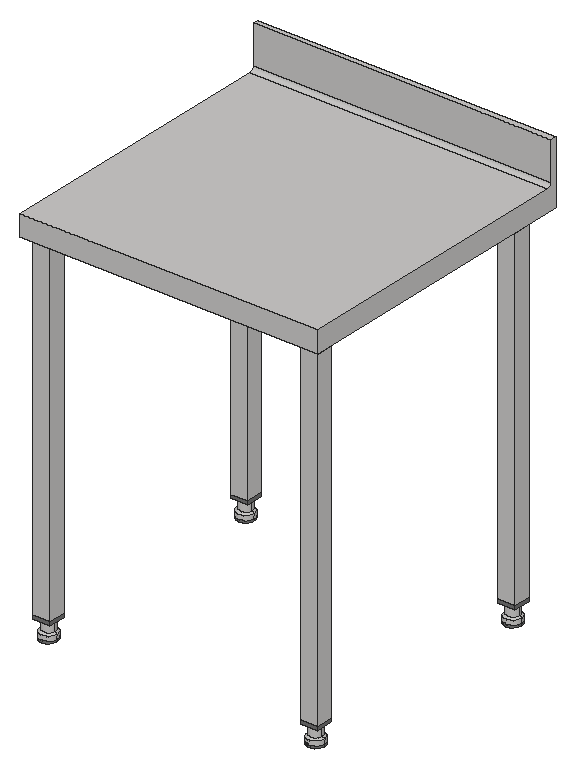
Revit family "QF_ELECTROLUXPROFESSIONAL_133229_TG700MHBN", category Attrezzature speciali, Revit 2020
Family settings
  Quota connettore circolare = Usa diametro
  Tipo di parte = Normale
  Basato su piano di lavoro = No
  Sempre verticale = Sì
  Taglio con vuoti quando caricato = No
  Condiviso = No
  Punto di calcolo locali = No
Parameters (values of type "Standard")
  Weight = 26.00 kg
  Watts = 0 W
  Volts = 0 V
  URL Manufacturer = "https://www.electroluxprofessional.com/"
  URL = "https://www.electroluxprofessional.com/"
  Steam Supply Size = 0 mm
  Steam Supply Minimum Pressure = 0.0 Pa
  Steam Supply Maximum Pressure = 0.0 Pa
  Steam Consumption per Hour = 0
  Refrigeration Suction Line Size = 0.0 mm
  Refrigeration Liquid Line Size = 0.0 mm
  Refrigerant Compressor Remote = yes
  Prospetto di default = 0.0 mm
  Produttore = "Electrolux Professional"
  Phase = 0
  Modello = "TG700MHBN"
  Length Actual = 700.0 mm  # constant formula
  Item Number = "133229"
  Hot Water Size = 0 mm
  Height Actual = 1000.0 mm  # constant formula
  HP = "0 HP"
  Gas Size = 0 mm
  Gas KW = 0
  Gas Input Pressure = 0 W
  Direct Waste Size = 0 mm
  Descrizione = "WORK TABLE WITH UPSTAND 700 MM"
  Depth Actual = 700.0 mm  # constant formula
  Cycle = 0 Hz
  Condensate Return Size = 0 mm
  Compressed Air Volume = 0.0 L/s
  Compressed Air Size = 0 mm
  Compressed Air Pressure = 0.0 Pa
  Cold Water Size = 0 mm
  Accessory = yes
Reference planes
  plane 1 "Center (Front/Back)": y = 0
  plane 2: z = 0
  plane 3 "Center (Left/Right)": x = 150
  plane 4 "LEFT": x = -200
  plane 5 "RIGHT": x = 500
  plane 6 "BACK": y = 350
  plane 7 "FRONT": y = -350
  plane 8 "Base": z = 850
  plane 9 "TOP": z = 900
  plane 10: x = -164.5
  plane 11: x = 464.5
  plane 12: y = 269.5
  plane 13: y = -310.5
Forms (mm)
  Extrusion 1, solid, material "QF_Finishes_Stainless Steel"
    sketch origin (150, 0, 0) x (0, 1, 0) y (0, 0, 1)
      loop
        line (-350, 850) -> (350, 850) -> (350, 1000) -> (337, 1000) -> (337, 910)
        arc (337, 910) -> (334.071, 902.929) -> (327, 900) r 10
        line (327, 900) -> (-350, 900) -> (-350, 850)
    from 350 to -350
Lines and regions (mm)
  symbolic lines
    curve 1: line (500, 350, 900) -> (-200, 350, 900)
    curve 2: line (-200, 350, 900) -> (-200, -350, 900)
    curve 3: line (-200, -350, 900) -> (500, -350, 900)
    curve 4: line (500, -350, 900) -> (500, 350, 900)
    curve 5: line (500, 337, 900) -> (-200, 337, 900)
Dimensions and locks
  plane 4 "LEFT" to plane 5 "RIGHT" = 700.0 mm
  equal spacing: plane 4 "LEFT", plane 3 "Center (Left/Right)", plane 5 "RIGHT"
  locked: plane 8 "Base" to level at 850
  plane 4 "LEFT" to plane 10 = 35.5 mm
  plane 11 to plane 5 "RIGHT" = 35.5 mm
  plane 10 to plane 11 = 629.0 mm
  locked: Extrusion 1 to level at 1000
  plane 9 "TOP" to level = 900.0 mm
  plane 6 "BACK" to plane 12 = 80.5 mm
  plane 13 to plane 7 "FRONT" = 39.5 mm
  plane 6 "BACK" to plane 7 "FRONT" = 700.0 mm
  plane 12 to plane 13 = 580.0 mm
  equal spacing: plane 6 "BACK", plane 1 "Center (Front/Back)", plane 7 "FRONT"
  aligned and locked: level to plane 2
  aligned and locked: plane 10 to nested 1
  aligned and locked: nested 1 to plane 13
  aligned and locked: plane 11 to nested 2
  aligned and locked: nested 2 to plane 13
  aligned and locked: plane 11 to nested 4
  aligned and locked: nested 4 to plane 12
  aligned and locked: plane 10 to nested 3
  aligned and locked: nested 3 to plane 12
  aligned and locked: Extrusion 1 to plane 4 "LEFT"
  aligned and locked: plane 5 "RIGHT" to Extrusion 1
  aligned and locked: curve 2 to plane 4 "LEFT"
Automatic sketch dimensions
  Extrusion 1 sketch curve to plane 7 "FRONT" = 0.0 mm
  Extrusion 1 sketch curve to plane 9 "TOP" = 0.0 mm
  Extrusion 1 sketch curve to plane 6 "BACK" = 0.0 mm
  Extrusion 1 sketch curve to plane 8 "Base" = 0.0 mm
  plane 9 "TOP" to Extrusion 1 sketch curve = 10.0 mm
  Extrusion 1 sketch curve to plane 6 "BACK" = 13.0 mm
  Extrusion 1 sketch curve to Extrusion 1 sketch curve = 90.0 mm
  curve 3 to plane 7 "FRONT" = 0.0 mm
  curve 5 to plane 5 "RIGHT" = 0.0 mm
  curve 4 to plane 6 "BACK" = 0.0 mm
  curve 5 to plane 6 "BACK" = 13.0 mm
Nested families
  nested 1: "FEET_40x40_APP42" at (-164.5, -310.5, 0), type "FEET_40x40_APP42"
  nested 2: "FEET_40x40_APP42" at (464.5, -310.5, 0), type "FEET_40x40_APP42"
  nested 3: "FEET_40x40_APP42" at (-164.5, 269.5, 0), type "FEET_40x40_APP42"
  nested 4: "FEET_40x40_APP42" at (464.5, 269.5, 0), type "FEET_40x40_APP42"
Definition of nested family "FEET_40x40_APP42"
  Parameters
    Default Elevation = 0.0 mm
    FEET = 850.0 mm
  Reference planes
    plane 1 "Center (Front/Back)": y = 0
    plane 2: z = 0
    plane 3 "Center (Left/Right)": x = 0
    plane 4: z = 850
  Forms (mm)
    Extrusion 1, solid
      sketch origin (0, 0, 0) x (1, 0, 0) y (0, 1, 0)
        loop
          line (-20, -20) -> (20, -20) -> (20, 20) -> (-20, 20) -> (-20, -20)
      from 50 to 845
    Extrusion 2, solid
      sketch origin (0, 0, 0) x (1, 0, 0) y (0, 1, 0)
        loop
          circle (0, 0) r 20
      from 0 to 5
    Extrusion 3, solid
      sketch origin (0, 0, 0) x (1, 0, 0) y (0, 1, 0)
        loop
          line (30, 30) -> (-30, 30) -> (-30, -30) -> (30, -30) -> (30, 30)
      from 845 to 850
    Extrusion 4, solid
      sketch origin (0, 0, 0) x (1, 0, 0) y (0, 1, 0)
        loop
          line (-20, -20) -> (20, -20) -> (20, 20) -> (-20, 20) -> (-20, -20)
      from 50 to 42
    Revolve 5, solid
      sketch origin (0, 0, 0) x (1, 0, 0) y (0, 0, 1)
        loop
          line (0, 42) -> (-15, 42) -> (-15, 20) -> (-20, 15) -> (-20, 5) -> (0, 5) -> (0, 42)
        axis (0, 42) -> (0, 5)
      angle from 0 to 360
  Lines and regions (mm)
    symbolic lines
      curve 1: line (0, -1.503, 0) -> (0, 1.508, 0)
      curve 2: line (1.561, 0, 0) -> (-1.439, 0, 0)
  Dimensions and locks
    "FEET": plane 4 to plane 2
    aligned and locked: level to plane 2
  Automatic sketch dimensions
    plane 1 "Center (Front/Back)" to curve 2 = 0.0 mm
    curve 1 to plane 3 "Center (Left/Right)" = 0.0 mm
    curve 2 to plane 3 "Center (Left/Right)" = 1.439 mm
    plane 3 "Center (Left/Right)" to curve 2 = 1.561 mm
    plane 1 "Center (Front/Back)" to curve 1 = 1.503 mm
    curve 1 to plane 1 "Center (Front/Back)" = 1.508 mm
    Extrusion 1 sketch curve to plane 3 "Center (Left/Right)" = 20.0 mm
    plane 3 "Center (Left/Right)" to Extrusion 1 sketch curve = 20.0 mm
    plane 1 "Center (Front/Back)" to Extrusion 1 sketch curve = 20.0 mm
    Extrusion 1 sketch curve to plane 1 "Center (Front/Back)" = 20.0 mm
    plane 1 "Center (Front/Back)" to Extrusion 2 sketch curve = 0.0 mm
    Extrusion 2 sketch curve to plane 3 "Center (Left/Right)" = 0.0 mm
    Extrusion 3 sketch curve to plane 3 "Center (Left/Right)" = 30.0 mm
    plane 3 "Center (Left/Right)" to Extrusion 3 sketch curve = 30.0 mm
    plane 1 "Center (Front/Back)" to Extrusion 3 sketch curve = 30.0 mm
    Extrusion 3 sketch curve to plane 1 "Center (Front/Back)" = 30.0 mm
    Extrusion 4 sketch curve to plane 3 "Center (Left/Right)" = 20.0 mm
    plane 3 "Center (Left/Right)" to Extrusion 4 sketch curve = 20.0 mm
    plane 1 "Center (Front/Back)" to Extrusion 4 sketch curve = 20.0 mm
    Extrusion 4 sketch curve to plane 1 "Center (Front/Back)" = 20.0 mm
    Revolve 5 sketch curve to plane 3 "Center (Left/Right)" = 0.0 mm  (x2)
    Revolve 5 sketch curve to plane 3 "Center (Left/Right)" = 15.0 mm
    Revolve 5 sketch curve to Revolve 5 sketch curve = 5.0 mm  (x3)
    level to Revolve 5 sketch curve = 5.0 mm
    Revolve 5 sketch curve to Revolve 5 sketch curve = 10.0 mm
    Revolve 5 sketch curve to Revolve 5 sketch curve = 22.0 mm
    Revolve 5 sketch curve to level = 9.561 mm
    radius of Extrusion 2 sketch curve = 20.0 mm
